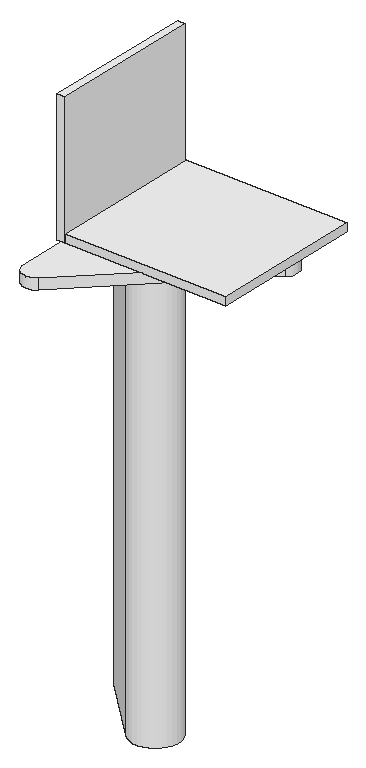
Revit family "furniture feet 175_60, 2 pieces left", category Furniture, Revit 2019
Family settings
  OmniClass Number = 23.31.25.00
  Work Plane-Based = No
  Always vertical = No
  Cut with Voids When Loaded = No
  Shared = Yes
  Room Calculation Point = No
Parameters (values of type "Furniture feet 175_60, left-54145700-MATT_WHITE-400")
  WEIGHT = "0"
  UNSPSC = "301815 | Sanitary ware"
  UNIFORMATII = "E2010 | Fixed Furnishings"
  SURFACE = "MATT_WHITE"
  SPECIFICATION = "Surfaces:    - 54145000 Chrome  - 54145670 Matt Black  - 54145700 Matt White      Specification:"
  REGIONSET = "Worldwide"
  PRODUCTURL = "https://pro.hansgrohe.com/articledetail--54145000"
  PRODUCTGROUP = "furniture feet"
  PRODUCTFAMILY = "Xelu Q"
  PERMALINK = "54145XXX"
  OMNICLASS = "23-31 25 00 | Toilet and Bath Specialties"
  OBJECTTYPE = "Object (single object)"
  NN = "Furniture feet 175/60, 2 pieces Left"
  NBSYN = "$BASENUMBER.-$ARTNR.-$SURFACE.-$LODLEVEL."
  NB = "Furniture feet 175/60, left-54145700-MATT_WHITE-400"
  NAME = "Xelu Q Furniture feet 175/60, 2 pieces"
  Model = "Furniture feet 175/60, left-54145700-MATT_WHITE-400"
  Manufacturer = "Hansgrohe"
  MIdent = "{$CADENAS_DATA/23d-libs/hansgrohe/xelu_furniture/furniture_feet/furniture_feet1_7560_l.prj},280 {VTYP=3D},{NB=Furniture feet 175/60, left-54145700-MATT_WHITE-400},{LINA=Furniture feet 175/60, left-54145700-MATT_WHITE-400},{NN=Furniture feet 175/60, 2 pieces Left},{DATE=10.03.2023 08:12:01},{GEOMDATE=08.03.2023 13:32:30},{VERSION=},{LINEID=20},{WBVAR=LODLEVEL},{WBNUMERIC=}  {NB=Furniture feet 175/60, left-54145700-MATT_WHITE-400},{LINA=Furniture feet 175/60, left-54145700-MATT_WHITE-400},{KT=DUMMY},{IDNR=2},{ARTNR=54145700},{BASENUMBER=Furniture feet 175/60, left},{MODEL=54145XXX},{SURFACE=MATT_WHITE},{LODLEVEL=400},{LODLEVELX='400','400','200','200'},{NAME=Xelu Q Furniture feet 175/60, 2 pieces},{PERMALINK=54145XXX},{OBJECTTYPE=Object (single object)},{BIMOBJECT=Furniture: Other Furniture},{PRODUCTFAMILY=Xelu Q},{PRODUCTGROUP=furniture feet},{WEIGHT=0},{DESCRIPTION=Xelu Q Furniture feet 175/60, 2 pieces},{SPECIFICATION=Surfaces:    - 54145000 Chrome  - 54145670 Matt Black  - 54145700 Matt White      Specification:},{PRODUCTURL=https://pro.hansgrohe.com/articledetail--54145000},{GTINCODE=4059625458747},{TENDERURL=},{IFC=Furnishing element },{ETIM=},{UNICLASS2015=},{OMNICLASS=23-31 25 00 | Toilet and Bath Specialties},{MASTERFORMAT=10 28 00 | Toilet, Bath, and Laundry Accessories},{UNSPSC=301815 | Sanitary ware},{UNIFORMATII=E2010 | Fixed Furnishings},{REGIONSET=Worldwide},{DESIGN=Germany},{MANUFACTURER=Germany}"
  MASTERFORMAT = "10 28 00 | Toilet, Bath, and Laundry Accessories"
  LODLEVEL = "400"
  LINA = "Furniture feet 175/60, left-54145700-MATT_WHITE-400"
  IFC = "Furnishing element "
  GTINCODE = "4059625458747"
  Furniture feet 175_60, left-54145700-MATT_WHITE-400_RX0RY0RZ0TX0TY0TZ0_V = yes
  Furniture feet 175_60, left-54145700-MATT_WHITE-200_RX0RY0RZ0TX0TY0TZ0_V = no
  Furniture feet 175_60, left-54145670-MATT_BLACK-400_RX0RY0RZ0TX0TY0TZ0_V = no
  Furniture feet 175_60, left-54145670-MATT_BLACK-200_RX0RY0RZ0TX0TY0TZ0_V = no
  Furniture feet 175_60, left-54145000-CHROME-400_RX0RY0RZ0TX0TY0TZ0_V = no
  Furniture feet 175_60, left-54145000-CHROME-200_RX0RY0RZ0TX0TY0TZ0_V = no
  DESIGN = "Germany"
  CATALOG = "Hansgrohe"
  BIMOBJECT = "Furniture: Other Furniture"
  BASENUMBER = "Furniture feet 175/60, left"
  ARTNR = "54145700"
Types (6, lengths in mm): name | SURFACE | NB | Model | MIdent | LODLEVEL | LINA | Furniture feet 175_60, left-54145700-MATT_WHITE-400_RX0RY0RZ0TX0TY0TZ0_V | Furniture feet 175_60, left-54145700-MATT_WHITE-200_RX0RY0RZ0TX0TY0TZ0_V | Furniture feet 175_60, left-54145670-MATT_BLACK-400_RX0RY0RZ0TX0TY0TZ0_V | Furniture feet 175_60, left-54145670-MATT_BLACK-200_RX0RY0RZ0TX0TY0TZ0_V | Furniture feet 175_60, left-54145000-CHROME-400_RX0RY0RZ0TX0TY0TZ0_V | Furniture feet 175_60, left-54145000-CHROME-200_RX0RY0RZ0TX0TY0TZ0_V | ARTNR
  Furniture feet 175_60, left-54145000-CHROME-200 | "CHROME" | "Furniture feet 175/60, left-54145000-CHROME-200" | "Furniture feet 175/60, left-54145000-CHROME-200" | "{$CADENAS_DATA/23d-libs/hansgrohe/xelu_furniture/furniture_feet/furniture_feet1_7560_l.prj},272 {VTYP=3D},{NB=Furniture feet 175/60, left-54145000-CHROME-200},{LINA=Furniture feet 175/60, left-54145000-CHROME-200},{NN=Furniture feet 175/60, 2 pieces Left},{DATE=10.03.2023 08:12:01},{GEOMDATE=08.03.2023 13:32:30},{VERSION=},{LINEID=10},{WBVAR=LODLEVEL},{WBNUMERIC=}  {NB=Furniture feet 175/60, left-54145000-CHROME-200},{LINA=Furniture feet 175/60, left-54145000-CHROME-200},{KT=DUMMY},{IDNR=1},{ARTNR=54145000},{BASENUMBER=Furniture feet 175/60, left},{MODEL=54145XXX},{SURFACE=CHROME},{LODLEVEL=200},{LODLEVELX='400','400','200','200'},{NAME=Xelu Q Furniture feet 175/60, 2 pieces},{PERMALINK=54145XXX},{OBJECTTYPE=Object (single object)},{BIMOBJECT=Furniture: Other Furniture},{PRODUCTFAMILY=Xelu Q},{PRODUCTGROUP=furniture feet},{WEIGHT=0},{DESCRIPTION=Xelu Q Furniture feet 175/60, 2 pieces},{SPECIFICATION=Surfaces:    - 54145000 Chrome  - 54145670 Matt Black  - 54145700 Matt White      Specification:},{PRODUCTURL=https://pro.hansgrohe.com/articledetail--54145000},{GTINCODE=4059625458747},{TENDERURL=},{IFC=Furnishing element },{ETIM=},{UNICLASS2015=},{OMNICLASS=23-31 25 00 | Toilet and Bath Specialties},{MASTERFORMAT=10 28 00 | Toilet, Bath, and Laundry Accessories},{UNSPSC=301815 | Sanitary ware},{UNIFORMATII=E2010 | Fixed Furnishings},{REGIONSET=Worldwide},{DESIGN=Germany},{MANUFACTURER=Germany}" | "200" | "Furniture feet 175/60, left-54145000-CHROME-200" | no | no | no | no | no | yes | "54145000"
  Furniture feet 175_60, left-54145000-CHROME-400 | "CHROME" | "Furniture feet 175/60, left-54145000-CHROME-400" | "Furniture feet 175/60, left-54145000-CHROME-400" | "{$CADENAS_DATA/23d-libs/hansgrohe/xelu_furniture/furniture_feet/furniture_feet1_7560_l.prj},272 {VTYP=3D},{NB=Furniture feet 175/60, left-54145000-CHROME-400},{LINA=Furniture feet 175/60, left-54145000-CHROME-400},{NN=Furniture feet 175/60, 2 pieces Left},{DATE=10.03.2023 08:12:01},{GEOMDATE=08.03.2023 13:32:30},{VERSION=},{LINEID=10},{WBVAR=LODLEVEL},{WBNUMERIC=}  {NB=Furniture feet 175/60, left-54145000-CHROME-400},{LINA=Furniture feet 175/60, left-54145000-CHROME-400},{KT=DUMMY},{IDNR=1},{ARTNR=54145000},{BASENUMBER=Furniture feet 175/60, left},{MODEL=54145XXX},{SURFACE=CHROME},{LODLEVEL=400},{LODLEVELX='400','400','200','200'},{NAME=Xelu Q Furniture feet 175/60, 2 pieces},{PERMALINK=54145XXX},{OBJECTTYPE=Object (single object)},{BIMOBJECT=Furniture: Other Furniture},{PRODUCTFAMILY=Xelu Q},{PRODUCTGROUP=furniture feet},{WEIGHT=0},{DESCRIPTION=Xelu Q Furniture feet 175/60, 2 pieces},{SPECIFICATION=Surfaces:    - 54145000 Chrome  - 54145670 Matt Black  - 54145700 Matt White      Specification:},{PRODUCTURL=https://pro.hansgrohe.com/articledetail--54145000},{GTINCODE=4059625458747},{TENDERURL=},{IFC=Furnishing element },{ETIM=},{UNICLASS2015=},{OMNICLASS=23-31 25 00 | Toilet and Bath Specialties},{MASTERFORMAT=10 28 00 | Toilet, Bath, and Laundry Accessories},{UNSPSC=301815 | Sanitary ware},{UNIFORMATII=E2010 | Fixed Furnishings},{REGIONSET=Worldwide},{DESIGN=Germany},{MANUFACTURER=Germany}" | "400" | "Furniture feet 175/60, left-54145000-CHROME-400" | no | no | no | no | yes | no | "54145000"
  Furniture feet 175_60, left-54145670-MATT_BLACK-200 | "MATT_BLACK" | "Furniture feet 175/60, left-54145670-MATT_BLACK-200" | "Furniture feet 175/60, left-54145670-MATT_BLACK-200" | "{$CADENAS_DATA/23d-libs/hansgrohe/xelu_furniture/furniture_feet/furniture_feet1_7560_l.prj},280 {VTYP=3D},{NB=Furniture feet 175/60, left-54145670-MATT_BLACK-200},{LINA=Furniture feet 175/60, left-54145670-MATT_BLACK-200},{NN=Furniture feet 175/60, 2 pieces Left},{DATE=10.03.2023 08:12:01},{GEOMDATE=08.03.2023 13:32:30},{VERSION=},{LINEID=30},{WBVAR=LODLEVEL},{WBNUMERIC=}  {NB=Furniture feet 175/60, left-54145670-MATT_BLACK-200},{LINA=Furniture feet 175/60, left-54145670-MATT_BLACK-200},{KT=DUMMY},{IDNR=3},{ARTNR=54145670},{BASENUMBER=Furniture feet 175/60, left},{MODEL=54145XXX},{SURFACE=MATT_BLACK},{LODLEVEL=200},{LODLEVELX='400','400','200','200'},{NAME=Xelu Q Furniture feet 175/60, 2 pieces},{PERMALINK=54145XXX},{OBJECTTYPE=Object (single object)},{BIMOBJECT=Furniture: Other Furniture},{PRODUCTFAMILY=Xelu Q},{PRODUCTGROUP=furniture feet},{WEIGHT=0},{DESCRIPTION=Xelu Q Furniture feet 175/60, 2 pieces},{SPECIFICATION=Surfaces:    - 54145000 Chrome  - 54145670 Matt Black  - 54145700 Matt White      Specification:},{PRODUCTURL=https://pro.hansgrohe.com/articledetail--54145000},{GTINCODE=4059625458747},{TENDERURL=},{IFC=Furnishing element },{ETIM=},{UNICLASS2015=},{OMNICLASS=23-31 25 00 | Toilet and Bath Specialties},{MASTERFORMAT=10 28 00 | Toilet, Bath, and Laundry Accessories},{UNSPSC=301815 | Sanitary ware},{UNIFORMATII=E2010 | Fixed Furnishings},{REGIONSET=Worldwide},{DESIGN=Germany},{MANUFACTURER=Germany}" | "200" | "Furniture feet 175/60, left-54145670-MATT_BLACK-200" | no | no | no | yes | no | no | "54145670"
  Furniture feet 175_60, left-54145670-MATT_BLACK-400 | "MATT_BLACK" | "Furniture feet 175/60, left-54145670-MATT_BLACK-400" | "Furniture feet 175/60, left-54145670-MATT_BLACK-400" | "{$CADENAS_DATA/23d-libs/hansgrohe/xelu_furniture/furniture_feet/furniture_feet1_7560_l.prj},280 {VTYP=3D},{NB=Furniture feet 175/60, left-54145670-MATT_BLACK-400},{LINA=Furniture feet 175/60, left-54145670-MATT_BLACK-400},{NN=Furniture feet 175/60, 2 pieces Left},{DATE=10.03.2023 08:12:01},{GEOMDATE=08.03.2023 13:32:30},{VERSION=},{LINEID=30},{WBVAR=LODLEVEL},{WBNUMERIC=}  {NB=Furniture feet 175/60, left-54145670-MATT_BLACK-400},{LINA=Furniture feet 175/60, left-54145670-MATT_BLACK-400},{KT=DUMMY},{IDNR=3},{ARTNR=54145670},{BASENUMBER=Furniture feet 175/60, left},{MODEL=54145XXX},{SURFACE=MATT_BLACK},{LODLEVEL=400},{LODLEVELX='400','400','200','200'},{NAME=Xelu Q Furniture feet 175/60, 2 pieces},{PERMALINK=54145XXX},{OBJECTTYPE=Object (single object)},{BIMOBJECT=Furniture: Other Furniture},{PRODUCTFAMILY=Xelu Q},{PRODUCTGROUP=furniture feet},{WEIGHT=0},{DESCRIPTION=Xelu Q Furniture feet 175/60, 2 pieces},{SPECIFICATION=Surfaces:    - 54145000 Chrome  - 54145670 Matt Black  - 54145700 Matt White      Specification:},{PRODUCTURL=https://pro.hansgrohe.com/articledetail--54145000},{GTINCODE=4059625458747},{TENDERURL=},{IFC=Furnishing element },{ETIM=},{UNICLASS2015=},{OMNICLASS=23-31 25 00 | Toilet and Bath Specialties},{MASTERFORMAT=10 28 00 | Toilet, Bath, and Laundry Accessories},{UNSPSC=301815 | Sanitary ware},{UNIFORMATII=E2010 | Fixed Furnishings},{REGIONSET=Worldwide},{DESIGN=Germany},{MANUFACTURER=Germany}" | "400" | "Furniture feet 175/60, left-54145670-MATT_BLACK-400" | no | no | yes | no | no | no | "54145670"
  Furniture feet 175_60, left-54145700-MATT_WHITE-200 | "MATT_WHITE" | "Furniture feet 175/60, left-54145700-MATT_WHITE-200" | "Furniture feet 175/60, left-54145700-MATT_WHITE-200" | "{$CADENAS_DATA/23d-libs/hansgrohe/xelu_furniture/furniture_feet/furniture_feet1_7560_l.prj},280 {VTYP=3D},{NB=Furniture feet 175/60, left-54145700-MATT_WHITE-200},{LINA=Furniture feet 175/60, left-54145700-MATT_WHITE-200},{NN=Furniture feet 175/60, 2 pieces Left},{DATE=10.03.2023 08:12:01},{GEOMDATE=08.03.2023 13:32:30},{VERSION=},{LINEID=20},{WBVAR=LODLEVEL},{WBNUMERIC=}  {NB=Furniture feet 175/60, left-54145700-MATT_WHITE-200},{LINA=Furniture feet 175/60, left-54145700-MATT_WHITE-200},{KT=DUMMY},{IDNR=2},{ARTNR=54145700},{BASENUMBER=Furniture feet 175/60, left},{MODEL=54145XXX},{SURFACE=MATT_WHITE},{LODLEVEL=200},{LODLEVELX='400','400','200','200'},{NAME=Xelu Q Furniture feet 175/60, 2 pieces},{PERMALINK=54145XXX},{OBJECTTYPE=Object (single object)},{BIMOBJECT=Furniture: Other Furniture},{PRODUCTFAMILY=Xelu Q},{PRODUCTGROUP=furniture feet},{WEIGHT=0},{DESCRIPTION=Xelu Q Furniture feet 175/60, 2 pieces},{SPECIFICATION=Surfaces:    - 54145000 Chrome  - 54145670 Matt Black  - 54145700 Matt White      Specification:},{PRODUCTURL=https://pro.hansgrohe.com/articledetail--54145000},{GTINCODE=4059625458747},{TENDERURL=},{IFC=Furnishing element },{ETIM=},{UNICLASS2015=},{OMNICLASS=23-31 25 00 | Toilet and Bath Specialties},{MASTERFORMAT=10 28 00 | Toilet, Bath, and Laundry Accessories},{UNSPSC=301815 | Sanitary ware},{UNIFORMATII=E2010 | Fixed Furnishings},{REGIONSET=Worldwide},{DESIGN=Germany},{MANUFACTURER=Germany}" | "200" | "Furniture feet 175/60, left-54145700-MATT_WHITE-200" | no | yes | no | no | no | no | "54145700"
  Furniture feet 175_60, left-54145700-MATT_WHITE-400 | "MATT_WHITE" | "Furniture feet 175/60, left-54145700-MATT_WHITE-400" | "Furniture feet 175/60, left-54145700-MATT_WHITE-400" | "{$CADENAS_DATA/23d-libs/hansgrohe/xelu_furniture/furniture_feet/furniture_feet1_7560_l.prj},280 {VTYP=3D},{NB=Furniture feet 175/60, left-54145700-MATT_WHITE-400},{LINA=Furniture feet 175/60, left-54145700-MATT_WHITE-400},{NN=Furniture feet 175/60, 2 pieces Left},{DATE=10.03.2023 08:12:01},{GEOMDATE=08.03.2023 13:32:30},{VERSION=},{LINEID=20},{WBVAR=LODLEVEL},{WBNUMERIC=}  {NB=Furniture feet 175/60, left-54145700-MATT_WHITE-400},{LINA=Furniture feet 175/60, left-54145700-MATT_WHITE-400},{KT=DUMMY},{IDNR=2},{ARTNR=54145700},{BASENUMBER=Furniture feet 175/60, left},{MODEL=54145XXX},{SURFACE=MATT_WHITE},{LODLEVEL=400},{LODLEVELX='400','400','200','200'},{NAME=Xelu Q Furniture feet 175/60, 2 pieces},{PERMALINK=54145XXX},{OBJECTTYPE=Object (single object)},{BIMOBJECT=Furniture: Other Furniture},{PRODUCTFAMILY=Xelu Q},{PRODUCTGROUP=furniture feet},{WEIGHT=0},{DESCRIPTION=Xelu Q Furniture feet 175/60, 2 pieces},{SPECIFICATION=Surfaces:    - 54145000 Chrome  - 54145670 Matt Black  - 54145700 Matt White      Specification:},{PRODUCTURL=https://pro.hansgrohe.com/articledetail--54145000},{GTINCODE=4059625458747},{TENDERURL=},{IFC=Furnishing element },{ETIM=},{UNICLASS2015=},{OMNICLASS=23-31 25 00 | Toilet and Bath Specialties},{MASTERFORMAT=10 28 00 | Toilet, Bath, and Laundry Accessories},{UNSPSC=301815 | Sanitary ware},{UNIFORMATII=E2010 | Fixed Furnishings},{REGIONSET=Worldwide},{DESIGN=Germany},{MANUFACTURER=Germany}" | "400" | "Furniture feet 175/60, left-54145700-MATT_WHITE-400" | yes | no | no | no | no | no | "54145700"
Reference planes
  plane 1 "Center (Front/Back)": y = 0
  plane 2: z = 0
  plane 3 "Center (Left/Right)": x = 0
Dimensions and locks
  aligned and locked: level to plane 2
Nested families
  nested 1: "furniture feet 175_60, left-54145000-chrome-200_content" at (0, 0, 0), visible <- "Furniture feet 175_60, left-54145000-CHROME-200_RX0RY0RZ0TX0TY0TZ0_V", ContentVisible <- "Furniture feet 175_60, left-54145000-CHROME-200_RX0RY0RZ0TX0TY0TZ0_V", type "Furniture feet 175_60, left-54145000-CHROME-200_Content"
    with ContentVisible no
  nested 2: "furniture feet 175_60, left-54145000-chrome-400_content" at (0, 0, 0), visible <- "Furniture feet 175_60, left-54145000-CHROME-400_RX0RY0RZ0TX0TY0TZ0_V", ContentVisible <- "Furniture feet 175_60, left-54145000-CHROME-400_RX0RY0RZ0TX0TY0TZ0_V", type "Furniture feet 175_60, left-54145000-CHROME-400_Content"
    with ContentVisible no
  nested 3: "furniture feet 175_60, left-54145670-matt_black-200_content" at (0, 0, 0), visible <- "Furniture feet 175_60, left-54145670-MATT_BLACK-200_RX0RY0RZ0TX0TY0TZ0_V", ContentVisible <- "Furniture feet 175_60, left-54145670-MATT_BLACK-200_RX0RY0RZ0TX0TY0TZ0_V", type "Furniture feet 175_60, left-54145670-MATT_BLACK-200_Content"
    with ContentVisible no
  nested 4: "furniture feet 175_60, left-54145670-matt_black-400_content" at (0, 0, 0), visible <- "Furniture feet 175_60, left-54145670-MATT_BLACK-400_RX0RY0RZ0TX0TY0TZ0_V", ContentVisible <- "Furniture feet 175_60, left-54145670-MATT_BLACK-400_RX0RY0RZ0TX0TY0TZ0_V", type "Furniture feet 175_60, left-54145670-MATT_BLACK-400_Content"
    with ContentVisible no
  nested 5: "furniture feet 175_60, left-54145700-matt_white-200_content" at (0, 0, 0), visible <- "Furniture feet 175_60, left-54145700-MATT_WHITE-200_RX0RY0RZ0TX0TY0TZ0_V", ContentVisible <- "Furniture feet 175_60, left-54145700-MATT_WHITE-200_RX0RY0RZ0TX0TY0TZ0_V", type "Furniture feet 175_60, left-54145700-MATT_WHITE-200_Content"
    with ContentVisible no
  nested 6: "furniture feet 175_60, left-54145700-matt_white-400_content" at (0, 0, 0), visible <- "Furniture feet 175_60, left-54145700-MATT_WHITE-400_RX0RY0RZ0TX0TY0TZ0_V", ContentVisible <- "Furniture feet 175_60, left-54145700-MATT_WHITE-400_RX0RY0RZ0TX0TY0TZ0_V", type "Furniture feet 175_60, left-54145700-MATT_WHITE-400_Content"
    with ContentVisible yes
Definition of nested family "furniture feet 175_60, left-54145700-matt_white-400_content"
  Parameters (values of type "Furniture feet 175_60, left-54145700-MATT_WHITE-400_Content")
    WEIGHT = "0"
    UNSPSC = "301815 | Sanitary ware"
    UNIFORMATII = "E2010 | Fixed Furnishings"
    SURFACE = "MATT_WHITE"
    SPECIFICATION = "Surfaces:    - 54145000 Chrome  - 54145670 Matt Black  - 54145700 Matt White      Specification:"
    REGIONSET = "Worldwide"
    PRODUCTURL = "https://pro.hansgrohe.com/articledetail--54145000"
    PRODUCTGROUP = "furniture feet"
    PRODUCTFAMILY = "Xelu Q"
    PERMALINK = "54145XXX"
    OMNICLASS = "23-31 25 00 | Toilet and Bath Specialties"
    OBJECTTYPE = "Object (single object)"
    NN = "Furniture feet 175/60, 2 pieces Left"
    NBSYN = "$BASENUMBER.-$ARTNR.-$SURFACE.-$LODLEVEL."
    NB = "Furniture feet 175/60, left-54145700-MATT_WHITE-400"
    NAME = "Xelu Q Furniture feet 175/60, 2 pieces"
    Model = "Furniture feet 175/60, left-54145700-MATT_WHITE-400"
    Manufacturer = "Hansgrohe"
    MASTERFORMAT = "10 28 00 | Toilet, Bath, and Laundry Accessories"
    LODLEVEL = "400"
    LINA = "Furniture feet 175/60, left-54145700-MATT_WHITE-400"
    IFC = "Furnishing element "
    GTINCODE = "4059625458747"
    Default Elevation = 1219.2 mm
    DESIGN = "Germany"
    ContentVisible [instance] = yes
    CATALOG = "Hansgrohe"
    BIMOBJECT = "Furniture: Other Furniture"
    BASENUMBER = "Furniture feet 175/60, left"
    ARTNR = "54145700"
  Reference planes
    plane 1 "Center (Front/Back)": y = 0
    plane 2: z = 0
    plane 3 "Center (Left/Right)": x = 0
  Forms (mm)
    Extrusion 1, solid, visible <- "ContentVisible", detail levels medium+fine
      sketch origin (0, 0, 0) x (1, 0, 0) y (0, 1, 0)
        loop
          circle (0, 0) r 8
      from 0 to 4
    Extrusion 2, solid, visible <- "ContentVisible", detail levels medium+fine
      sketch origin (0, 0, 4) x (1, 0, 0) y (0, 1, 0)
        loop
          arc (-4.95, 17.678) -> (-17.678, 17.678) -> (-17.678, 4.95) r 9
          line (-17.678, 4.95) -> (4.95, -17.678)
          arc (4.95, -17.678) -> (17.678, -17.678) -> (17.678, -4.95) r 9
          line (17.678, -4.95) -> (-4.95, 17.678)
      from 0 to 169
    Extrusion 3, solid, visible <- "ContentVisible", detail levels medium+fine
      sketch origin (0, 0, 170) x (1, 0, 0) y (0, 1, 0)
        loop
          line (-10, 10) -> (-10, -47.929)
          arc (-10, -47.929) -> (-6.913, -52.548) -> (-1.464, -51.464) r 5
          line (-1.464, -51.464) -> (51.464, 1.464)
          arc (51.464, 1.464) -> (52.548, 6.913) -> (47.929, 10) r 5
          line (47.929, 10) -> (-10, 10)
      from 0 to 4
    Extrusion 4, solid, visible <- "ContentVisible", detail levels medium+fine
      sketch origin (0, 0, 174) x (1, 0, 0) y (0, 1, 0)
        loop
          line (-12, -29.5) -> (53, -29.5) -> (53, 28.5) -> (-12, 28.5) -> (-12, -29.5)
      from 0 to 3
    Extrusion 5, solid, visible <- "ContentVisible", detail levels medium+fine
      sketch origin (-12, 0, 0) x (0, 0, -1) y (0, 1, 0)
        loop
          line (-224, 28.5) -> (-224, -29.5) -> (-174, -29.5) -> (-174, 28.5) -> (-224, 28.5)
      from 0 to 3
    Extrusion 6, solid, visible <- "ContentVisible", detail levels coarse
      sketch origin (16.343, -12.214, 0) x (1, 0, 0) y (0, 1, 0)
        loop
          line (-36.657, -40.714) -> (36.657, -40.714) -> (36.657, 40.714) -> (-36.657, 40.714) -> (-36.657, -40.714)
      from 0 to 224
  Dimensions and locks
    aligned and locked: level to plane 2
Definition of nested family "furniture feet 175_60, left-54145000-chrome-200_content"
  Parameters (values of type "Furniture feet 175_60, left-54145000-CHROME-200_Content")
    WEIGHT = "0"
    UNSPSC = "301815 | Sanitary ware"
    UNIFORMATII = "E2010 | Fixed Furnishings"
    SURFACE = "CHROME"
    SPECIFICATION = "Surfaces:    - 54145000 Chrome  - 54145670 Matt Black  - 54145700 Matt White      Specification:"
    REGIONSET = "Worldwide"
    PRODUCTURL = "https://pro.hansgrohe.com/articledetail--54145000"
    PRODUCTGROUP = "furniture feet"
    PRODUCTFAMILY = "Xelu Q"
    PERMALINK = "54145XXX"
    OMNICLASS = "23-31 25 00 | Toilet and Bath Specialties"
    OBJECTTYPE = "Object (single object)"
    NN = "Furniture feet 175/60, 2 pieces Left"
    NBSYN = "$BASENUMBER.-$ARTNR.-$SURFACE.-$LODLEVEL."
    NB = "Furniture feet 175/60, left-54145000-CHROME-200"
    NAME = "Xelu Q Furniture feet 175/60, 2 pieces"
    Model = "Furniture feet 175/60, left-54145000-CHROME-200"
    Manufacturer = "Hansgrohe"
    MASTERFORMAT = "10 28 00 | Toilet, Bath, and Laundry Accessories"
    LODLEVEL = "200"
    LINA = "Furniture feet 175/60, left-54145000-CHROME-200"
    IFC = "Furnishing element "
    GTINCODE = "4059625458747"
    Default Elevation = 1219.2 mm
    DESIGN = "Germany"
    ContentVisible [instance] = yes
    CATALOG = "Hansgrohe"
    BIMOBJECT = "Furniture: Other Furniture"
    BASENUMBER = "Furniture feet 175/60, left"
    ARTNR = "54145000"
  Reference planes
    plane 1 "Center (Front/Back)": y = 0
    plane 2: z = 0
    plane 3 "Center (Left/Right)": x = 0
  Forms (mm)
    Extrusion 1, solid, visible <- "ContentVisible", detail levels medium+fine
      sketch origin (0, 0, 0) x (1, 0, 0) y (0, 1, 0)
        loop
          line (-24.042, 11.314) -> (11.314, -24.042) -> (24.042, -11.314) -> (-11.314, 24.042) -> (-24.042, 11.314)
      from 0 to 173
    Extrusion 2, solid, visible <- "ContentVisible", detail levels medium+fine
      sketch origin (0, 0, 170) x (1, 0, 0) y (0, 1, 0)
        loop
          line (-10, 10) -> (-10, -60) -> (60, 10) -> (-10, 10)
      from 0 to 4
    Extrusion 3, solid, visible <- "ContentVisible", detail levels medium+fine
      sketch origin (0, 0, 174) x (1, 0, 0) y (0, 1, 0)
        loop
          line (-12, -29.5) -> (53, -29.5) -> (53, 28.5) -> (-12, 28.5) -> (-12, -29.5)
      from 0 to 3
    Extrusion 4, solid, visible <- "ContentVisible", detail levels medium+fine
      sketch origin (-12, 0, 0) x (0, 0, -1) y (0, 1, 0)
        loop
          line (-224, 28.5) -> (-224, -29.5) -> (-174, -29.5) -> (-174, 28.5) -> (-224, 28.5)
      from 0 to 3
    Extrusion 5, solid, visible <- "ContentVisible", detail levels coarse
      sketch origin (17.979, -15.75, 0) x (1, 0, 0) y (0, 1, 0)
        loop
          line (-42.021, -44.25) -> (42.021, -44.25) -> (42.021, 44.25) -> (-42.021, 44.25) -> (-42.021, -44.25)
      from 0 to 224
  Dimensions and locks
    aligned and locked: level to plane 2
Definition of nested family "furniture feet 175_60, left-54145000-chrome-400_content"
  Parameters (values of type "Furniture feet 175_60, left-54145000-CHROME-400_Content")
    WEIGHT = "0"
    UNSPSC = "301815 | Sanitary ware"
    UNIFORMATII = "E2010 | Fixed Furnishings"
    SURFACE = "CHROME"
    SPECIFICATION = "Surfaces:    - 54145000 Chrome  - 54145670 Matt Black  - 54145700 Matt White      Specification:"
    REGIONSET = "Worldwide"
    PRODUCTURL = "https://pro.hansgrohe.com/articledetail--54145000"
    PRODUCTGROUP = "furniture feet"
    PRODUCTFAMILY = "Xelu Q"
    PERMALINK = "54145XXX"
    OMNICLASS = "23-31 25 00 | Toilet and Bath Specialties"
    OBJECTTYPE = "Object (single object)"
    NN = "Furniture feet 175/60, 2 pieces Left"
    NBSYN = "$BASENUMBER.-$ARTNR.-$SURFACE.-$LODLEVEL."
    NB = "Furniture feet 175/60, left-54145000-CHROME-400"
    NAME = "Xelu Q Furniture feet 175/60, 2 pieces"
    Model = "Furniture feet 175/60, left-54145000-CHROME-400"
    Manufacturer = "Hansgrohe"
    MASTERFORMAT = "10 28 00 | Toilet, Bath, and Laundry Accessories"
    LODLEVEL = "400"
    LINA = "Furniture feet 175/60, left-54145000-CHROME-400"
    IFC = "Furnishing element "
    GTINCODE = "4059625458747"
    Default Elevation = 1219.2 mm
    DESIGN = "Germany"
    ContentVisible [instance] = yes
    CATALOG = "Hansgrohe"
    BIMOBJECT = "Furniture: Other Furniture"
    BASENUMBER = "Furniture feet 175/60, left"
    ARTNR = "54145000"
  Reference planes
    plane 1 "Center (Front/Back)": y = 0
    plane 2: z = 0
    plane 3 "Center (Left/Right)": x = 0
  Forms (mm)
    Extrusion 1, solid, visible <- "ContentVisible", detail levels medium+fine
      sketch origin (0, 0, 0) x (1, 0, 0) y (0, 1, 0)
        loop
          circle (0, 0) r 8
      from 0 to 4
    Extrusion 2, solid, visible <- "ContentVisible", detail levels medium+fine
      sketch origin (0, 0, 4) x (1, 0, 0) y (0, 1, 0)
        loop
          arc (-4.95, 17.678) -> (-17.678, 17.678) -> (-17.678, 4.95) r 9
          line (-17.678, 4.95) -> (4.95, -17.678)
          arc (4.95, -17.678) -> (17.678, -17.678) -> (17.678, -4.95) r 9
          line (17.678, -4.95) -> (-4.95, 17.678)
      from 0 to 169
    Extrusion 3, solid, visible <- "ContentVisible", detail levels medium+fine
      sketch origin (0, 0, 170) x (1, 0, 0) y (0, 1, 0)
        loop
          line (-10, 10) -> (-10, -47.929)
          arc (-10, -47.929) -> (-6.913, -52.548) -> (-1.464, -51.464) r 5
          line (-1.464, -51.464) -> (51.464, 1.464)
          arc (51.464, 1.464) -> (52.548, 6.913) -> (47.929, 10) r 5
          line (47.929, 10) -> (-10, 10)
      from 0 to 4
    Extrusion 4, solid, visible <- "ContentVisible", detail levels medium+fine
      sketch origin (0, 0, 174) x (1, 0, 0) y (0, 1, 0)
        loop
          line (-12, -29.5) -> (53, -29.5) -> (53, 28.5) -> (-12, 28.5) -> (-12, -29.5)
      from 0 to 3
    Extrusion 5, solid, visible <- "ContentVisible", detail levels medium+fine
      sketch origin (-12, 0, 0) x (0, 0, -1) y (0, 1, 0)
        loop
          line (-224, 28.5) -> (-224, -29.5) -> (-174, -29.5) -> (-174, 28.5) -> (-224, 28.5)
      from 0 to 3
    Extrusion 6, solid, visible <- "ContentVisible", detail levels coarse
      sketch origin (16.343, -12.214, 0) x (1, 0, 0) y (0, 1, 0)
        loop
          line (-36.657, -40.714) -> (36.657, -40.714) -> (36.657, 40.714) -> (-36.657, 40.714) -> (-36.657, -40.714)
      from 0 to 224
  Dimensions and locks
    aligned and locked: level to plane 2
Definition of nested family "furniture feet 175_60, left-54145670-matt_black-200_content"
  Parameters (values of type "Furniture feet 175_60, left-54145670-MATT_BLACK-200_Content")
    WEIGHT = "0"
    UNSPSC = "301815 | Sanitary ware"
    UNIFORMATII = "E2010 | Fixed Furnishings"
    SURFACE = "MATT_BLACK"
    SPECIFICATION = "Surfaces:    - 54145000 Chrome  - 54145670 Matt Black  - 54145700 Matt White      Specification:"
    REGIONSET = "Worldwide"
    PRODUCTURL = "https://pro.hansgrohe.com/articledetail--54145000"
    PRODUCTGROUP = "furniture feet"
    PRODUCTFAMILY = "Xelu Q"
    PERMALINK = "54145XXX"
    OMNICLASS = "23-31 25 00 | Toilet and Bath Specialties"
    OBJECTTYPE = "Object (single object)"
    NN = "Furniture feet 175/60, 2 pieces Left"
    NBSYN = "$BASENUMBER.-$ARTNR.-$SURFACE.-$LODLEVEL."
    NB = "Furniture feet 175/60, left-54145670-MATT_BLACK-200"
    NAME = "Xelu Q Furniture feet 175/60, 2 pieces"
    Model = "Furniture feet 175/60, left-54145670-MATT_BLACK-200"
    Manufacturer = "Hansgrohe"
    MASTERFORMAT = "10 28 00 | Toilet, Bath, and Laundry Accessories"
    LODLEVEL = "200"
    LINA = "Furniture feet 175/60, left-54145670-MATT_BLACK-200"
    IFC = "Furnishing element "
    GTINCODE = "4059625458747"
    Default Elevation = 1219.2 mm
    DESIGN = "Germany"
    ContentVisible [instance] = yes
    CATALOG = "Hansgrohe"
    BIMOBJECT = "Furniture: Other Furniture"
    BASENUMBER = "Furniture feet 175/60, left"
    ARTNR = "54145670"
  Reference planes
    plane 1 "Center (Front/Back)": y = 0
    plane 2: z = 0
    plane 3 "Center (Left/Right)": x = 0
  Forms (mm)
    Extrusion 1, solid, visible <- "ContentVisible", detail levels medium+fine
      sketch origin (0, 0, 0) x (1, 0, 0) y (0, 1, 0)
        loop
          line (-24.042, 11.314) -> (11.314, -24.042) -> (24.042, -11.314) -> (-11.314, 24.042) -> (-24.042, 11.314)
      from 0 to 173
    Extrusion 2, solid, visible <- "ContentVisible", detail levels medium+fine
      sketch origin (0, 0, 170) x (1, 0, 0) y (0, 1, 0)
        loop
          line (-10, 10) -> (-10, -60) -> (60, 10) -> (-10, 10)
      from 0 to 4
    Extrusion 3, solid, visible <- "ContentVisible", detail levels medium+fine
      sketch origin (0, 0, 174) x (1, 0, 0) y (0, 1, 0)
        loop
          line (-12, -29.5) -> (53, -29.5) -> (53, 28.5) -> (-12, 28.5) -> (-12, -29.5)
      from 0 to 3
    Extrusion 4, solid, visible <- "ContentVisible", detail levels medium+fine
      sketch origin (-12, 0, 0) x (0, 0, -1) y (0, 1, 0)
        loop
          line (-224, 28.5) -> (-224, -29.5) -> (-174, -29.5) -> (-174, 28.5) -> (-224, 28.5)
      from 0 to 3
    Extrusion 5, solid, visible <- "ContentVisible", detail levels coarse
      sketch origin (17.979, -15.75, 0) x (1, 0, 0) y (0, 1, 0)
        loop
          line (-42.021, -44.25) -> (42.021, -44.25) -> (42.021, 44.25) -> (-42.021, 44.25) -> (-42.021, -44.25)
      from 0 to 224
  Dimensions and locks
    aligned and locked: level to plane 2
Definition of nested family "furniture feet 175_60, left-54145670-matt_black-400_content"
  Parameters (values of type "Furniture feet 175_60, left-54145670-MATT_BLACK-400_Content")
    WEIGHT = "0"
    UNSPSC = "301815 | Sanitary ware"
    UNIFORMATII = "E2010 | Fixed Furnishings"
    SURFACE = "MATT_BLACK"
    SPECIFICATION = "Surfaces:    - 54145000 Chrome  - 54145670 Matt Black  - 54145700 Matt White      Specification:"
    REGIONSET = "Worldwide"
    PRODUCTURL = "https://pro.hansgrohe.com/articledetail--54145000"
    PRODUCTGROUP = "furniture feet"
    PRODUCTFAMILY = "Xelu Q"
    PERMALINK = "54145XXX"
    OMNICLASS = "23-31 25 00 | Toilet and Bath Specialties"
    OBJECTTYPE = "Object (single object)"
    NN = "Furniture feet 175/60, 2 pieces Left"
    NBSYN = "$BASENUMBER.-$ARTNR.-$SURFACE.-$LODLEVEL."
    NB = "Furniture feet 175/60, left-54145670-MATT_BLACK-400"
    NAME = "Xelu Q Furniture feet 175/60, 2 pieces"
    Model = "Furniture feet 175/60, left-54145670-MATT_BLACK-400"
    Manufacturer = "Hansgrohe"
    MASTERFORMAT = "10 28 00 | Toilet, Bath, and Laundry Accessories"
    LODLEVEL = "400"
    LINA = "Furniture feet 175/60, left-54145670-MATT_BLACK-400"
    IFC = "Furnishing element "
    GTINCODE = "4059625458747"
    Default Elevation = 1219.2 mm
    DESIGN = "Germany"
    ContentVisible [instance] = yes
    CATALOG = "Hansgrohe"
    BIMOBJECT = "Furniture: Other Furniture"
    BASENUMBER = "Furniture feet 175/60, left"
    ARTNR = "54145670"
  Reference planes
    plane 1 "Center (Front/Back)": y = 0
    plane 2: z = 0
    plane 3 "Center (Left/Right)": x = 0
  Forms (mm)
    Extrusion 1, solid, visible <- "ContentVisible", detail levels medium+fine
      sketch origin (0, 0, 0) x (1, 0, 0) y (0, 1, 0)
        loop
          circle (0, 0) r 8
      from 0 to 4
    Extrusion 2, solid, visible <- "ContentVisible", detail levels medium+fine
      sketch origin (0, 0, 4) x (1, 0, 0) y (0, 1, 0)
        loop
          arc (-4.95, 17.678) -> (-17.678, 17.678) -> (-17.678, 4.95) r 9
          line (-17.678, 4.95) -> (4.95, -17.678)
          arc (4.95, -17.678) -> (17.678, -17.678) -> (17.678, -4.95) r 9
          line (17.678, -4.95) -> (-4.95, 17.678)
      from 0 to 169
    Extrusion 3, solid, visible <- "ContentVisible", detail levels medium+fine
      sketch origin (0, 0, 170) x (1, 0, 0) y (0, 1, 0)
        loop
          line (-10, 10) -> (-10, -47.929)
          arc (-10, -47.929) -> (-6.913, -52.548) -> (-1.464, -51.464) r 5
          line (-1.464, -51.464) -> (51.464, 1.464)
          arc (51.464, 1.464) -> (52.548, 6.913) -> (47.929, 10) r 5
          line (47.929, 10) -> (-10, 10)
      from 0 to 4
    Extrusion 4, solid, visible <- "ContentVisible", detail levels medium+fine
      sketch origin (0, 0, 174) x (1, 0, 0) y (0, 1, 0)
        loop
          line (-12, -29.5) -> (53, -29.5) -> (53, 28.5) -> (-12, 28.5) -> (-12, -29.5)
      from 0 to 3
    Extrusion 5, solid, visible <- "ContentVisible", detail levels medium+fine
      sketch origin (-12, 0, 0) x (0, 0, -1) y (0, 1, 0)
        loop
          line (-224, 28.5) -> (-224, -29.5) -> (-174, -29.5) -> (-174, 28.5) -> (-224, 28.5)
      from 0 to 3
    Extrusion 6, solid, visible <- "ContentVisible", detail levels coarse
      sketch origin (16.343, -12.214, 0) x (1, 0, 0) y (0, 1, 0)
        loop
          line (-36.657, -40.714) -> (36.657, -40.714) -> (36.657, 40.714) -> (-36.657, 40.714) -> (-36.657, -40.714)
      from 0 to 224
  Dimensions and locks
    aligned and locked: level to plane 2
Definition of nested family "furniture feet 175_60, left-54145700-matt_white-200_content"
  Parameters (values of type "Furniture feet 175_60, left-54145700-MATT_WHITE-200_Content")
    WEIGHT = "0"
    UNSPSC = "301815 | Sanitary ware"
    UNIFORMATII = "E2010 | Fixed Furnishings"
    SURFACE = "MATT_WHITE"
    SPECIFICATION = "Surfaces:    - 54145000 Chrome  - 54145670 Matt Black  - 54145700 Matt White      Specification:"
    REGIONSET = "Worldwide"
    PRODUCTURL = "https://pro.hansgrohe.com/articledetail--54145000"
    PRODUCTGROUP = "furniture feet"
    PRODUCTFAMILY = "Xelu Q"
    PERMALINK = "54145XXX"
    OMNICLASS = "23-31 25 00 | Toilet and Bath Specialties"
    OBJECTTYPE = "Object (single object)"
    NN = "Furniture feet 175/60, 2 pieces Left"
    NBSYN = "$BASENUMBER.-$ARTNR.-$SURFACE.-$LODLEVEL."
    NB = "Furniture feet 175/60, left-54145700-MATT_WHITE-200"
    NAME = "Xelu Q Furniture feet 175/60, 2 pieces"
    Model = "Furniture feet 175/60, left-54145700-MATT_WHITE-200"
    Manufacturer = "Hansgrohe"
    MASTERFORMAT = "10 28 00 | Toilet, Bath, and Laundry Accessories"
    LODLEVEL = "200"
    LINA = "Furniture feet 175/60, left-54145700-MATT_WHITE-200"
    IFC = "Furnishing element "
    GTINCODE = "4059625458747"
    Default Elevation = 1219.2 mm
    DESIGN = "Germany"
    ContentVisible [instance] = yes
    CATALOG = "Hansgrohe"
    BIMOBJECT = "Furniture: Other Furniture"
    BASENUMBER = "Furniture feet 175/60, left"
    ARTNR = "54145700"
  Reference planes
    plane 1 "Center (Front/Back)": y = 0
    plane 2: z = 0
    plane 3 "Center (Left/Right)": x = 0
  Forms (mm)
    Extrusion 1, solid, visible <- "ContentVisible", detail levels medium+fine
      sketch origin (0, 0, 0) x (1, 0, 0) y (0, 1, 0)
        loop
          line (-24.042, 11.314) -> (11.314, -24.042) -> (24.042, -11.314) -> (-11.314, 24.042) -> (-24.042, 11.314)
      from 0 to 173
    Extrusion 2, solid, visible <- "ContentVisible", detail levels medium+fine
      sketch origin (0, 0, 170) x (1, 0, 0) y (0, 1, 0)
        loop
          line (-10, 10) -> (-10, -60) -> (60, 10) -> (-10, 10)
      from 0 to 4
    Extrusion 3, solid, visible <- "ContentVisible", detail levels medium+fine
      sketch origin (0, 0, 174) x (1, 0, 0) y (0, 1, 0)
        loop
          line (-12, -29.5) -> (53, -29.5) -> (53, 28.5) -> (-12, 28.5) -> (-12, -29.5)
      from 0 to 3
    Extrusion 4, solid, visible <- "ContentVisible", detail levels medium+fine
      sketch origin (-12, 0, 0) x (0, 0, -1) y (0, 1, 0)
        loop
          line (-224, 28.5) -> (-224, -29.5) -> (-174, -29.5) -> (-174, 28.5) -> (-224, 28.5)
      from 0 to 3
    Extrusion 5, solid, visible <- "ContentVisible", detail levels coarse
      sketch origin (17.979, -15.75, 0) x (1, 0, 0) y (0, 1, 0)
        loop
          line (-42.021, -44.25) -> (42.021, -44.25) -> (42.021, 44.25) -> (-42.021, 44.25) -> (-42.021, -44.25)
      from 0 to 224
  Dimensions and locks
    aligned and locked: level to plane 2
